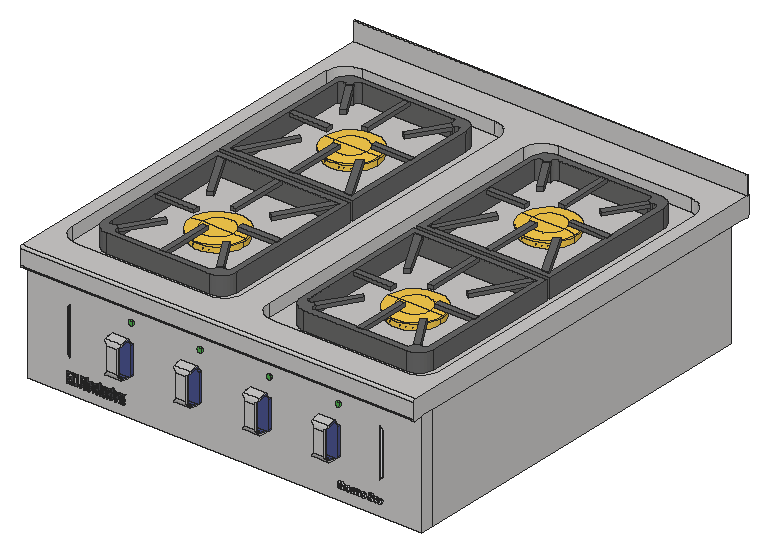
Revit family "QF_ELECTROLUXPROFESSIONAL_593104_MBGGBBHOVO", category Specialty Equipment, Revit 2014 (continued)
Definition of nested family "Therma_One_Burner_Long"
  Lines and regions (mm)
    symbolic lines
      curve 6: line (106.052, 155.258, 0) -> (-103.948, 155.258, 0)
      curve 7: line (-133.948, 125.258, 0) -> (-133.948, -162.742, 0)
      curve 8: line (-122.448, 8.508, 0) -> (-122.448, 120.119, 0)
      curve 9: arc (-122.448, 120.119, 0) -> (-117.602, 127.471, 0) -> (-108.936, 125.917, 0) r 8
      curve 10: line (-108.936, 125.917, 0) -> (-64.98, 54.999, 0)
      curve 11: line (-64.98, 54.999, 0) -> (-55.47, 61.908, 0)
      curve 12: line (-55.47, 61.908, 0) -> (-97.913, 130.868, 0)
      curve 13: line (-91.582, 143.758, 0) -> (-4.698, 143.758, 0)
      curve 14: arc (-97.913, 130.868, 0) -> (-98.762, 139.285, 0) -> (-91.582, 143.758, 0) r 8
      curve 15: line (-4.698, 143.758, 0) -> (-4.698, 35.758, 0)
      curve 16: line (6.802, 35.758, 0) -> (6.802, 143.758, 0)
      curve 17: line (6.802, 143.758, 0) -> (93.686, 143.758, 0)
      curve 18: arc (93.686, 143.758, 0) -> (100.866, 139.285, 0) -> (100.018, 130.868, 0) r 8
      curve 19: line (100.018, 130.868, 0) -> (57.575, 61.908, 0)
      curve 20: line (57.575, 61.908, 0) -> (67.085, 54.999, 0)
      curve 21: line (67.085, 54.999, 0) -> (111.04, 125.917, 0)
      curve 22: arc (111.04, 125.917, 0) -> (119.707, 127.471, 0) -> (124.552, 120.119, 0) r 8
      curve 23: line (124.552, 120.119, 0) -> (124.552, 8.508, 0)
      curve 24: line (124.552, 8.508, 0) -> (46.052, 8.508, 0)
      curve 25: line (46.052, 8.508, 0) -> (46.052, -2.992, 0)
      curve 26: line (46.052, -2.992, 0) -> (124.645, -2.992, 0)
      curve 27: line (67.085, -49.483, 0) -> (57.575, -56.392, 0)
      curve 28: line (124.645, -151.019, 0) -> (67.085, -49.483, 0)
      curve 29: line (57.575, -56.392, 0) -> (109.799, -151.019, 0)
      curve 30: line (109.799, -151.019, 0) -> (6.802, -151.019, 0)
      curve 31: line (124.645, -2.992, 0) -> (124.645, -151.019, 0)
      curve 32: line (6.802, -151.019, 0) -> (6.802, -35.742, 0)
      curve 33: line (-4.698, -35.742, 0) -> (-4.698, -151.019, 0)
      curve 34: line (6.802, -35.742, 0) -> (-4.698, -35.742, 0)
      curve 35: line (-107.695, -151.019, 0) -> (-55.47, -56.392, 0)
      curve 36: line (-55.47, -56.392, 0) -> (-64.98, -49.483, 0)
      curve 37: line (-64.98, -49.483, 0) -> (-122.541, -151.019, 0)
      curve 38: line (-4.698, -151.019, 0) -> (-107.695, -151.019, 0)
      curve 39: line (-122.541, -151.019, 0) -> (-122.541, -2.992, 0)
      curve 40: line (-122.541, -2.992, 0) -> (-43.948, -2.992, 0)
      curve 41: line (-43.948, 8.508, 0) -> (-122.448, 8.508, 0)
      curve 42: line (-43.948, -2.992, 0) -> (-43.948, 8.508, 0)
      curve 43: line (-4.698, 35.758, 0) -> (6.802, 35.758, 0)
      curve 44: arc (136.052, 125.258, 0) -> (127.265, 146.471, 0) -> (106.052, 155.258, 0) r 30
      curve 45: line (136.052, -162.742, 0) -> (136.052, 125.258, 0)
      curve 46: line (-133.948, -162.742, 0) -> (136.052, -162.742, 0)
  Dimensions and locks
    plane 5 to plane 4 = 270 mm
    plane 4 to plane 5 = 270 mm
    equal spacing: plane 4, plane 3 "Center (Left/Right)", plane 5
    plane 9 to plane 8 = 318 mm
  Automatic sketch dimensions
    curve 1 to curve 2 = 0 mm  (x2)
    curve 1 to curve 3 = 0 mm  (x2)
    curve 1 to curve 4 = 0 mm  (x2)
    curve 2 to curve 3 = 0 mm  (x2)
    curve 2 to curve 4 = 0 mm  (x2)
    curve 3 to curve 4 = 0 mm  (x2)
    curve 5 to plane 4 = 0 mm
    plane 8 to curve 6 = 0 mm
    plane 1 "Center (Front/Back)" to curve 2 = 0 mm
    curve 2 to plane 3 "Center (Left/Right)" = 0 mm
    curve 45 to plane 5 = 0 mm
    curve 46 to plane 9 = 0 mm
    plane 4 to curve 39 = 11.407 mm
    curve 41 to plane 1 "Center (Front/Back)" = 5.75 mm
    plane 4 to curve 41 = 11.5 mm
    curve 8 to curve 9 = 8 mm
    curve 9 to curve 10 = 5.512 mm
    curve 37 to curve 38 = 14.846 mm
    curve 10 to curve 5 = 4.988 mm
    plane 8 to curve 12 = 24.39 mm
    curve 5 to curve 12 = 6.034 mm
    curve 12 to curve 13 = 6.332 mm
    curve 10 to plane 3 "Center (Left/Right)" = 66.032 mm
    curve 36 to plane 3 "Center (Left/Right)" = 66.032 mm
    curve 10 to curve 11 = 9.51 mm
    curve 36 to curve 36 = 9.51 mm
    plane 1 "Center (Front/Back)" to curve 40 = 5.75 mm
    curve 40 to plane 3 "Center (Left/Right)" = 45 mm
    curve 38 to plane 3 "Center (Left/Right)" = 5.75 mm
    curve 13 to plane 3 "Center (Left/Right)" = 5.75 mm
    plane 3 "Center (Left/Right)" to curve 32 = 5.75 mm
    plane 3 "Center (Left/Right)" to curve 43 = 5.75 mm
    plane 1 "Center (Front/Back)" to curve 25 = 5.75 mm
    plane 3 "Center (Left/Right)" to curve 25 = 45 mm
    curve 25 to curve 29 = 11.522 mm
    curve 24 to curve 19 = 11.522 mm
    curve 19 to curve 20 = 9.51 mm
    curve 27 to curve 28 = 9.51 mm
    plane 8 to curve 18 = 19.5 mm
    curve 18 to plane 5 = 42.366 mm
    curve 18 to curve 19 = 6.332 mm
    curve 17 to curve 6 = 12.366 mm
    plane 9 to curve 29 = 11.724 mm
    curve 29 to plane 5 = 26.253 mm
    curve 44 to curve 21 = 4.988 mm
    curve 21 to curve 22 = 5.512 mm
    curve 22 to curve 23 = 8 mm
    curve 31 to plane 5 = 11.407 mm
    plane 9 to curve 28 = 11.724 mm
    plane 9 to curve 37 = 11.724 mm
    curve 38 to curve 30 = 0 mm
    curve 29 to curve 3 = 53.4 mm
    curve 35 to curve 4 = 53.4 mm
    curve 27 to curve 28 = 6.909 mm
    curve 35 to curve 37 = 6.909 mm
    plane 1 "Center (Front/Back)" to curve 33 = 38.5 mm
    curve 24 to plane 1 "Center (Front/Back)" = 5.75 mm
    curve 15 to plane 1 "Center (Front/Back)" = 33 mm
    curve 2 to curve 21 = 46.491 mm
    curve 1 to curve 10 = 46.491 mm
    curve 10 to curve 11 = 6.909 mm
    curve 20 to curve 20 = 6.909 mm
    curve 8 to curve 5 = 5.139 mm
    curve 22 to curve 44 = 5.139 mm
    curve 19 to curve 18 = 4.89 mm
    curve 12 to curve 14 = 4.89 mm
    curve 1 to curve 41 = 9.699 mm
    curve 4 to curve 40 = 9.699 mm
    curve 1 to plane 3 "Center (Left/Right)" = 6.867 mm
    curve 4 to plane 3 "Center (Left/Right)" = 6.867 mm
    plane 3 "Center (Left/Right)" to curve 2 = 6.867 mm
    plane 3 "Center (Left/Right)" to curve 3 = 6.867 mm
    curve 25 to curve 3 = 9.699 mm
    curve 24 to curve 2 = 9.699 mm
    level to Extrusion 1 sketch curve = 6.05 mm
    level to Extrusion 2 sketch curve = 6.05 mm
    level to Extrusion 3 sketch curve = 6.05 mm
    level to Extrusion 4 sketch curve = 6.05 mm
    level to Extrusion 5 sketch curve = 6.05 mm
    level to Extrusion 6 sketch curve = 6.05 mm
    level to Extrusion 7 sketch curve = 6.05 mm
    level to Extrusion 8 sketch curve = 6.05 mm
    level to Extrusion 9 sketch curve = 6.05 mm
    level to Extrusion 10 sketch curve = 6.05 mm
    level to Extrusion 11 sketch curve = 6.05 mm
    level to Extrusion 12 sketch curve = 6.05 mm
    level to Extrusion 13 sketch curve = 6.05 mm
    level to Extrusion 14 sketch curve = 6.05 mm
    level to Extrusion 15 sketch curve = 6.05 mm
    level to Extrusion 16 sketch curve = 6.05 mm
    level to Extrusion 17 sketch curve = 6.05 mm
    level to Extrusion 18 sketch curve = 6.05 mm
    level to Extrusion 19 sketch curve = 6.05 mm
    level to Extrusion 20 sketch curve = 6.05 mm
    level to Extrusion 21 sketch curve = 6.05 mm
    level to Extrusion 22 sketch curve = 6.05 mm
    level to Extrusion 23 sketch curve = 6.05 mm
    level to Extrusion 24 sketch curve = 6.05 mm
    level to Extrusion 25 sketch curve = 6.05 mm
    level to Extrusion 26 sketch curve = 6.05 mm
    Extrusion 27 sketch curve to plane 4 = 0 mm
    plane 8 to Extrusion 27 sketch curve = 0 mm
    Extrusion 27 sketch curve to plane 5 = 0 mm
    Extrusion 27 sketch curve to plane 9 = 0 mm
    plane 4 to Extrusion 27 sketch curve = 11.5 mm
    Extrusion 27 sketch curve to Extrusion 27 sketch curve = 8 mm
    Extrusion 27 sketch curve to Extrusion 27 sketch curve = 5.512 mm
    Extrusion 27 sketch curve to Extrusion 27 sketch curve = 0.842 mm  (x2)
    Extrusion 27 sketch curve to Extrusion 27 sketch curve = 4.988 mm
    Extrusion 27 sketch curve to Extrusion 27 sketch curve = 6.034 mm  (x2)
    plane 8 to Extrusion 27 sketch curve = 11.5 mm
    Extrusion 27 sketch curve to Extrusion 27 sketch curve = 6.332 mm  (x2)
    Extrusion 27 sketch curve to plane 5 = 42.366 mm
    Extrusion 27 sketch curve to Extrusion 27 sketch curve = 4.146 mm
    Extrusion 27 sketch curve to Extrusion 27 sketch curve = 6.354 mm
    Extrusion 27 sketch curve to plane 5 = 11.5 mm
    plane 9 to Extrusion 27 sketch curve = 11.724 mm
    Extrusion 27 sketch curve to Extrusion 27 sketch curve = 5.139 mm  (x2)
    Extrusion 27 sketch curve to Extrusion 27 sketch curve = 1.359 mm  (x2)
    plane 4 to Extrusion 28 sketch curve = 11.407 mm  (x2)
    plane 4 to Extrusion 28 sketch curve = 25.854 mm
    Extrusion 28 sketch curve to Extrusion 28 sketch curve = 14.846 mm
    plane 8 to Extrusion 28 sketch curve = 24.39 mm  (x2)
    Extrusion 28 sketch curve to Extrusion 28 sketch curve = 10.18 mm  (x2)
    Extrusion 28 sketch curve to plane 3 "Center (Left/Right)" = 66.032 mm  (x2)
    Extrusion 28 sketch curve to Extrusion 28 sketch curve = 9.51 mm  (x4)
    plane 1 "Center (Front/Back)" to Extrusion 28 sketch curve = 5.75 mm  (x2)
    Extrusion 28 sketch curve to plane 3 "Center (Left/Right)" = 45 mm
    Extrusion 28 sketch curve to plane 3 "Center (Left/Right)" = 5.75 mm  (x2)
    plane 3 "Center (Left/Right)" to Extrusion 28 sketch curve = 5.75 mm  (x2)
    plane 3 "Center (Left/Right)" to Extrusion 28 sketch curve = 45 mm
    Extrusion 28 sketch curve to Extrusion 28 sketch curve = 11.522 mm  (x2)
    Extrusion 28 sketch curve to plane 5 = 36.034 mm
    plane 9 to Extrusion 28 sketch curve = 11.724 mm  (x3)
    Extrusion 28 sketch curve to plane 5 = 26.253 mm
    Extrusion 28 sketch curve to plane 5 = 11.407 mm  (x2)
    Extrusion 28 sketch curve to Extrusion 28 sketch curve = 53.4 mm  (x2)
    Extrusion 28 sketch curve to Extrusion 28 sketch curve = 6.909 mm  (x4)
    plane 1 "Center (Front/Back)" to Extrusion 28 sketch curve = 38.5 mm
    Extrusion 28 sketch curve to plane 1 "Center (Front/Back)" = 5.75 mm  (x2)
    Extrusion 28 sketch curve to plane 1 "Center (Front/Back)" = 33 mm
    Extrusion 28 sketch curve to Extrusion 28 sketch curve = 46.491 mm  (x2)
    plane 8 to Extrusion 28 sketch curve = 11.5 mm
    Revolve 29 sketch curve to plane 5 = 190.017 mm
    Revolve 29 sketch curve to level = 0 mm  (x2)
    Revolve 29 sketch curve to plane 5 = 187.273 mm
    Revolve 29 sketch curve to Revolve 29 sketch curve = 20.661 mm
    Revolve 29 sketch curve to Revolve 29 sketch curve = 31.612 mm
    Revolve 29 sketch curve to Revolve 29 sketch curve = 12.194 mm
    Revolve 29 sketch curve to Revolve 29 sketch curve = 0.684 mm
    Revolve 29 sketch curve to Revolve 29 sketch curve = 2.8 mm
    level to Revolve 29 sketch curve = 17.388 mm
    Revolve 29 sketch curve to Revolve 29 sketch curve = 0 mm
    Revolve 29 sketch curve to Revolve 29 sketch curve = 67.612 mm
    radius of Extrusion 1 sketch curve = 1 mm
    radius of Extrusion 2 sketch curve = 1 mm
    radius of Extrusion 3 sketch curve = 1 mm
    radius of Extrusion 4 sketch curve = 1 mm
    radius of Extrusion 5 sketch curve = 1 mm
    radius of Extrusion 6 sketch curve = 1 mm
    radius of Extrusion 7 sketch curve = 1 mm
    radius of Extrusion 8 sketch curve = 1 mm
    radius of Extrusion 9 sketch curve = 1 mm
    radius of Extrusion 10 sketch curve = 1 mm
    radius of Extrusion 11 sketch curve = 1 mm
    radius of Extrusion 12 sketch curve = 1 mm
    radius of Extrusion 13 sketch curve = 1 mm
    radius of Extrusion 14 sketch curve = 1 mm
    radius of Extrusion 15 sketch curve = 1 mm
    radius of Extrusion 16 sketch curve = 1 mm
    radius of Extrusion 17 sketch curve = 1 mm
    radius of Extrusion 18 sketch curve = 1 mm
    radius of Extrusion 19 sketch curve = 1 mm
    radius of Extrusion 20 sketch curve = 1 mm
    radius of Extrusion 21 sketch curve = 1 mm
    radius of Extrusion 22 sketch curve = 1 mm
    radius of Extrusion 23 sketch curve = 1 mm
    radius of Extrusion 24 sketch curve = 1 mm
    radius of Extrusion 25 sketch curve = 1 mm
    radius of Extrusion 26 sketch curve = 1 mm
